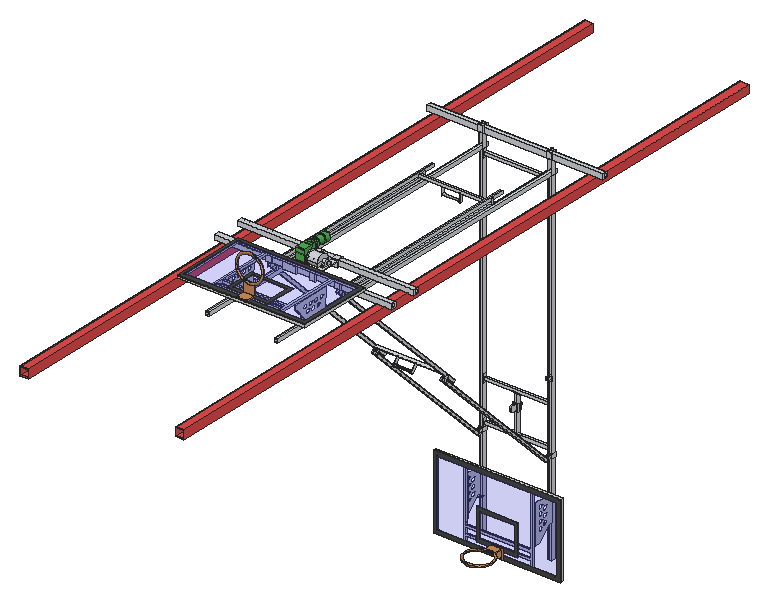
Revit family "Takbasket sammansatt", category Generic Models, Revit 2017
Family settings
  Can host rebar = No
  Round Connector Dimension = Use Diameter
  Part Type = Normal
  Work Plane-Based = No
  Always vertical = Yes
  Cut with Voids When Loaded = No
  Shared = No
  Room Calculation Point = No
Parameters
  length_beam = 10000 mm
  folded_b2 = B1 - C1 - 168 mm  # 698.935 mm
  folded_b1 = B1 - 330 mm  # 3422 mm
  URL = "www.saxi.se"
  Model = "Takbasket"
  Manufacturer = "Saxi Vägg AB"
  Height_vertical = Height - 4248 mm + 1180 mm  # 4932 mm
  Height = 8000 mm
  C2 = cos(45.00°) * B1 - 20 mm  # 2633.065 mm
  C1_vertical_start = B1 / 2 - 503 mm  # 1373 mm
  C1_horizontal_start = Height - cos(45.00°) * C1 - 47 mm  # 5912.951 mm
  C1 = cos(45.00°) * B1 + 232 mm  # 2885.065 mm
  Beam_offset = 3000 mm
  B1 = Height - 4248 mm  # 3752 mm
  Angle_C2 = 45.00°
Reference planes
  plane 1 "Center (Front/Back)": y = 0
  plane 2: z = 0
  plane 3 "Center (Left/Right)": x = 0
  plane 4 "Senior": z = 3050
  plane 5 "takbalk": z = 8000
Forms (mm)
  Extrusion 1, solid, not visible
    sketch origin (462, 326, 7806) x (0, 0, -1) y (1, 0, 0)
      loop
        line (2550.352, -3) -> (2630.352, -3) -> (2630.352, 53) -> (2550.352, 53) -> (2550.352, -3)
    from 0 to 3
  Extrusion 2, solid, not visible
    sketch origin (459.188, 323, 7806) x (0, 0, -1) y (1, 0, 0)
      loop
        line (2570.26, 10.286) -> (2605.26, 10.286) -> (2605.26, 45.286) -> (2570.26, 45.286) -> (2570.26, 10.286)
      loop
        line (2573.26, 13.286) -> (2602.26, 13.286) -> (2602.26, 42.286) -> (2573.26, 42.286) -> (2573.26, 13.286)
    from 0 to 40
Lines and regions (mm)
  reference lines
    curve 1: line (0, 294, 4225) -> (0, -510.284, 5029.284)
    curve 2: line (0, -3422, 7948) -> (0, -2205.776, 6731.776)
Dimensions and locks
  locked: plane 3 "Center (Left/Right)" to nested 4 at 1040
  locked: nested 5 to plane 3 "Center (Left/Right)" at 1040
  "Height": plane 5 "takbalk" to plane 2
  locked: nested 8 to nested 2 at 10
  locked: nested 6 to nested 4 at 90
  "B1": nested 8 to nested 6
  locked: nested 7 to nested 6 at 405
  locked: nested 3 to nested 9 at 7.5
  "C1_vertical_start": nested 9 to plane 1 "Center (Front/Back)"
  locked: curve 1 to plane 4 "Senior" at 1175
  locked: curve 1 to plane 1 "Center (Front/Back)" at 294
  "Beam_offset": nested 5 to plane 1 "Center (Front/Back)"
  locked: Extrusion 1 sketch curve to Extrusion 1 sketch curve at 56
  nested 18 to plane 4 "Senior" = 1240 mm
  nested 18 to nested 17 = 560 mm
  locked: plane 5 "takbalk" to nested 19 at 250
  locked: nested 21 to plane 5 "takbalk" at 70
  "folded_b1": plane 1 "Center (Front/Back)" to curve 2
  locked: plane 5 "takbalk" to curve 2 at 52
  "folded_b1": plane 1 "Center (Front/Back)" to nested 22
  locked: plane 5 "takbalk" to nested 23 at 92
  "folded_b2": plane 1 "Center (Front/Back)" to nested 23
  locked: plane 5 "takbalk" to nested 24 at 160
  locked: plane 5 "takbalk" to nested 25 at 160
  "Angle_C2": angle plane 4 "Senior" to curve 1
  locked: plane 5 "takbalk" to curve 2 (angle 45.00°)
  aligned and locked: level to plane 2
  aligned and locked: plane 1 "Center (Front/Back)" to nested 1
  aligned and locked: plane 4 "Senior" to nested 1
  aligned and locked: nested 2 to nested 1
  aligned and locked: nested 3 to nested 1  (x2)
  aligned and locked: nested 2 to nested 3
  aligned and locked: plane 5 "takbalk" to nested 5
  aligned and locked: plane 5 "takbalk" to nested 4
  aligned and locked: nested 8 to plane 5 "takbalk"
  aligned and locked: nested 7 to plane 5 "takbalk"
  aligned and locked: nested 6 to plane 5 "takbalk"
  aligned and locked: nested 7 to nested 6
  aligned and locked: nested 8 to nested 6
  aligned and locked: nested 10 to nested 9
  aligned and locked: nested 4 to nested 5
  aligned and locked: plane 5 "takbalk" to nested 16
  aligned and locked: plane 5 "takbalk" to nested 15
  aligned and locked: nested 14 to plane 5 "takbalk"
  aligned and locked: nested 13 to plane 5 "takbalk"
  aligned and locked: nested 14 to nested 6
  aligned and locked: nested 13 to nested 14
  aligned and locked: nested 21 to nested 6
  aligned and locked: nested 24 to nested 26
Automatic sketch dimensions
  Extrusion 1 sketch curve to Extrusion 1 sketch curve = 80 mm
  Extrusion 2 sketch curve to Extrusion 1 = 10.526 mm
  Extrusion 2 sketch curve to Extrusion 1 = 19.908 mm
  Extrusion 2 sketch curve to Extrusion 2 sketch curve = 3 mm  (x4)
  Extrusion 2 sketch curve to Extrusion 1 = 28.092 mm
  Extrusion 2 sketch curve to Extrusion 1 = 13.474 mm
Nested families
  nested 1: "takbasket_tavla_sammansatt" at (0, 13, 3213.034), type "takbasket_tavla_sammansatt"
  nested 2: "vertikalstag" at (-512, 326, 2900), type "vertikalstag"
    with hojd_verticalstag 4932 mm
  nested 3: "vertikalstag" at (462, 326, 2900), type "vertikalstag"
    with hojd_verticalstag 4932 mm
  nested 4: "takbalk" at (1040, 3000, 7880), type "takbalk"
    with beam_length 10000 mm
  nested 5: "takbalk" at (-1160, 3000, 7880), type "takbalk"
    with beam_length 10000 mm
  nested 6: "horisontalstag" at (-1250, -3366, 8000), type "horisontalstag"
  nested 7: "horisontalstag" at (-1250, -2961, 8000), type "horisontalstag"
  nested 8: "horisontalstag" at (-1250, 386, 8000), type "horisontalstag"
  nested 9: "vikdel1" at (469.5, -1373, 5912.951), built-in parameter 1001364 <- "C1_horizontal_start", type "vikdel1"
    with vikdel_length 2885.065 mm, vertical_ref 2060.049 mm, horizontal_ref 2087.049 mm
  nested 10: "vikdel2" at (-1004.169, -2139.763, 3847.117) x (0, -0.7071, 0.7071) z (1, 0, 0), type "vikdel2"
    with vikdel_length 2633.065 mm
  nested 11: "KLAMMA1" at (-515, 325, 4193.252), type "KLAMMA1"
  nested 12: "KLAMMA1" at (458.875, 325, 4193.252), type "KLAMMA1"
  nested 13: "KLAMMA2" at (450.75, -3363, 7997) x (0, -1, 0) z (0, 0, 1), type "KLAMMA2"
  nested 14: "KLAMMA2" at (-523.125, -3363, 7997) x (0, -1, 0) z (0, 0, 1), type "KLAMMA2"
  nested 15: "KLAMMA3" at (448.75, 389, 7997) x (0, -1, 0) z (0, 0, 1), type "KLAMMA3"
  nested 16: "KLAMMA3" at (-525, 389, 7997) x (0, -1, 0) z (0, 0, 1), type "KLAMMA3"
  nested 17: "KLAMMA4" at (-458, 370, 4850), type "KLAMMA4"
  nested 18: "KLAMMA4" at (-458, 370, 4290), type "KLAMMA4"
  nested 19: "KLAMMA4" at (-458, 370, 7710), type "KLAMMA4"
  nested 20: "KLAMMA5" at (18.939, 330, 4335) x (-1, 0, 0) z (0, 0, 1), type "KLAMMA5"
  nested 21: "motor" at (-285, -2961, 8000), type "motor"
  nested 22: "vikdel1_fold" at (470, 1523.113, 8000), type "vikdel1_fold"
    with vikdel_length 2885.065 mm, vertical_ref 2060.049 mm, horizontal_ref 2087.049 mm
  nested 23: "vikdel2" at (-1003.75, -1858.521, 9832.196) x (0, 1, 0) z (1, 0, 0), type "vikdel2"
    with vikdel_length 2633.065 mm
  nested 24: "vertikalstag" at (-509.361, 406.934, 7790) x (1, 0, 0) z (0, -1, 0), type "vertikalstag"
    with hojd_verticalstag 4932 mm
  nested 25: "vertikalstag" at (462.9, 406.934, 7790) x (1, 0, 0) z (0, -1, 0), type "vertikalstag"
    with hojd_verticalstag 4932 mm
  nested 26: "takbasket_tavla_sammansatt" at (-1.265, -4212.032, 8153.75) x (1, 0, 0) z (0, 1, 0), type "takbasket_tavla_sammansatt"
Definition of nested family "takbasket_tavla_sammansatt"
  Parameters (values of type "takbasket_tavla_sammansatt")
    Default Elevation = 1219.2 mm
  Reference planes
    plane 1 "Center (Front/Back)": y = 0
    plane 2: z = 0
    plane 3 "Center (Left/Right)": x = 0
  Dimensions and locks
    nested 5 to nested 4 = 195 mm
    nested 3 to nested 5 = 388 mm
    nested 5 to nested 4 = 388 mm
    aligned and locked: level to plane 2
  Nested families
    nested 1: "TavlaStor" at (0, 0, 0), type "TavlaStor"
    nested 2: "korg" at (0, -12, -163.034) x (-1, 0, 0) z (0, 0, 1), type "korg"
    nested 3: "bakstagV" at (512, 30, -982.054) x (-1, 0, 0) z (0, 0, 1), type "bakstagV"
    nested 4: "bakstagH" at (-507, 30, -982.054) x (-1, 0, 0) z (0, 0, 1), type "bakstagH"
    nested 5: "bakdeltavlastor" at (74.528, -268.796, 196.966) x (0, -1, 0) z (0, 0, 1), type "bakdeltavlastor"
  Definition of nested family "TavlaStor"
    Reference planes
      plane 1 "Center (Front/Back)": y = 0
      plane 2: z = 0
      plane 3 "Center (Left/Right)": x = 0
      plane 4 "Hoop": z = -163.034
    Forms (mm)
      Extrusion 1, solid
        sketch origin (0, 0, 0) x (1, 0, 0) y (0, 0, 1)
          loop
            line (-900, -313.034) -> (900, -313.034) -> (900, 736.966) -> (-900, 736.966) -> (-900, -313.034)
        from 0 to 12
      Extrusion 2, solid
        sketch origin (0, -12, 0) x (1, 0, 0) y (0, 0, 1)
          loop
            line (-900, 736.966) -> (-900, -313.034) -> (900, -313.034) -> (900, 736.966) -> (-900, 736.966)
          loop
            line (-850, 686.966) -> (-850, -263.034) -> (850, -263.034) -> (850, 686.966) -> (-850, 686.966)
          loop
            line (-295, -213.034) -> (295, -213.034) -> (295, 236.966) -> (-295, 236.966) -> (-295, -213.034)
          loop
            line (-245, 186.966) -> (-245, -163.034) -> (245, -163.034) -> (245, 186.966) -> (-245, 186.966)
        from 0 to 1
    Dimensions and locks
      locked: Extrusion 1 sketch curve to Extrusion 1 sketch curve at 1800
      locked: Extrusion 1 sketch curve to Extrusion 1 sketch curve at 1050
      plane 3 "Center (Left/Right)" to Extrusion 1 sketch curve = 900 mm
      locked: Extrusion 2 sketch curve to Extrusion 2 sketch curve at 450
      locked: Extrusion 2 sketch curve to Extrusion 2 sketch curve at 590
      locked: Extrusion 2 sketch curve to Extrusion 1 at 100
      Extrusion 1 to Extrusion 2 sketch curve = 605 mm  (x2)
      aligned and locked: level to plane 2
      aligned and locked: plane 4 "Hoop" to Extrusion 2
  Definition of nested family "korg"
    Reference planes
      plane 1 "Center (Front/Back)": y = 0
      plane 2: z = 0
      plane 3 "Center (Left/Right)": x = 0
    Forms (mm)
      Extrusion 1, solid
        sketch origin (0, 0, 0) x (0, 1, 0) y (0, 0, 1)
          loop
            line (0, -9.5) -> (0, -149.5) -> (5, -149.5) -> (5, -14.5) -> (150, -14.5) -> (150, -9.5) -> (0, -9.5)
        from -75 to 75
      Sweep 2, solid
        path origin (0, 0, 0) x (1, 0, 0) y (0, 1, 0)
          loop
            circle (0, 330.5) r 189.5
        profile origin (0, 520, 0) x (0, -1, 0) y (0, 0, 1)
          loop
            spline (12.655, -8.5) -> (12.229, -6.3) -> (10.98, -4.25) -> (8.994, -2.49) -> (6.405, -1.139) -> (3.39, -0.29) -> (0.155, 0) -> (-3.08, -0.29) -> (-6.095, -1.139) -> (-8.684, -2.49) -> (-10.67, -4.25) -> (-11.919, -6.3) -> (-12.345, -8.5)
            spline (-12.345, -8.5) -> (-11.919, -10.7) -> (-10.67, -12.75) -> (-8.684, -14.51) -> (-6.095, -15.861) -> (-3.08, -16.71) -> (0.155, -17) -> (3.39, -16.71) -> (6.405, -15.861) -> (8.994, -14.51) -> (10.98, -12.75) -> (12.229, -10.7) -> (12.655, -8.5)
      Extrusion 3, void
        sketch origin (0, 5, -25) x (0, 0, -1) y (-1, 0, 0)
          loop
            circle (109.5, 55) r 6
          loop
            circle (109.5, -55) r 6
        from -75 to 75
    Cuts and joins
      Extrusion 3 cuts Extrusion 1
      Extrusion 3 cuts Sweep 2
      joined: Extrusion 1, Sweep 2
    Dimensions and locks
      locked: level to Extrusion 1 sketch curve at 9.5
      Extrusion 1 to Sweep 2 sketch curve = 141 mm
      Sweep 2 sketch curve to profile plane = 0 mm
      cut or joined group of Extrusion 1, Sweep 2, Extrusion 3 to Extrusion 3 sketch curve = 20 mm  (x2)
      cut or joined group of Extrusion 1, Sweep 2, Extrusion 3 to Extrusion 3 sketch curve = 15 mm  (x2)
      aligned and locked: level to plane 2
  Definition of nested family "bakstagV"
    Reference planes
      plane 1 "Center (Front/Back)": y = 0
      plane 2: z = 0
      plane 3 "Center (Left/Right)": x = 0
    Forms (mm)
      Extrusion 1, solid
        sketch origin (0, 0, 0) x (0, 1, 0) y (0, 0, 1)
          loop
            line (0, 1524.02) -> (-50, 1524.02) -> (-233, 1500.573) -> (-283, 1500.573) -> (-283, 1147.573) -> (-233, 1147.573) -> (-50, 984.02) -> (0, 984.02) -> (0, 1524.02)
          loop
            circle (-82.284, 1440.669) r 36
          loop
            circle (-82.284, 1345.669) r 36
          loop
            circle (-82.284, 1250.669) r 36
          loop
            circle (-82.284, 1155.669) r 36
          loop
            circle (-162.849, 1390.327) r 36
          loop
            circle (-162.849, 1295.327) r 36
          loop
            circle (-162.849, 1200.327) r 36
        from 0 to 5
      Extrusion 2, solid
        sketch origin (0, 0, 0) x (0, -1, 0) y (0, 0, 1)
          loop
            line (283, 1500.573) -> (233, 1500.573) -> (233, 1495.573) -> (283, 1495.573) -> (283, 1500.573)
          loop
            line (283, 1147.573) -> (283, 1152.573) -> (233, 1152.573) -> (233, 1147.573) -> (283, 1147.573)
        from -55 to 0
      Extrusion 3, solid
        sketch origin (0, 0, 0) x (1, 0, 0) y (0, 0, 1)
          loop
            line (5, 1524.02) -> (5, 984.02) -> (55, 984.02) -> (55, 1524.02) -> (5, 1524.02)
        from 0 to 5
    Cuts and joins
      joined: Extrusion 1, Extrusion 2, Extrusion 3
    Dimensions and locks
      locked: Extrusion 1 sketch curve to Extrusion 1 sketch curve at 283
      locked: Extrusion 1 sketch curve to Extrusion 1 sketch curve at 540
      aligned and locked: level to plane 2
  Definition of nested family "bakstagH"
    Reference planes
      plane 1 "Center (Front/Back)": y = 0
      plane 2: z = 0
      plane 3 "Center (Left/Right)": x = 0
    Forms (mm)
      Extrusion 1, solid
        sketch origin (0, 0, 0) x (0, 1, 0) y (0, 0, 1)
          loop
            line (0, 1524.02) -> (-50, 1524.02) -> (-233, 1500.573) -> (-283, 1500.573) -> (-283, 1147.573) -> (-233, 1147.573) -> (-50, 984.02) -> (0, 984.02) -> (0, 1524.02)
          loop
            circle (-82.284, 1440.669) r 36
          loop
            circle (-82.284, 1345.669) r 36
          loop
            circle (-82.284, 1250.669) r 36
          loop
            circle (-82.284, 1155.669) r 36
          loop
            circle (-162.849, 1390.327) r 36
          loop
            circle (-162.849, 1295.327) r 36
          loop
            circle (-162.849, 1200.327) r 36
        from 0 to 5
      Extrusion 2, solid
        sketch origin (0, 0, 0) x (0, -1, 0) y (0, 0, 1)
          loop
            line (283, 1500.573) -> (233, 1500.573) -> (233, 1495.573) -> (283, 1495.573) -> (283, 1500.573)
          loop
            line (283, 1147.573) -> (283, 1152.573) -> (233, 1152.573) -> (233, 1147.573) -> (283, 1147.573)
        from 0 to 50
      Extrusion 3, solid
        sketch origin (0, 0, 0) x (1, 0, 0) y (0, 0, 1)
          loop
            line (0, 1524.02) -> (-50, 1524.02) -> (-50, 984.02) -> (0, 984.02) -> (0, 1524.02)
        from 0 to 5
    Cuts and joins
      joined: Extrusion 1, Extrusion 2, Extrusion 3
    Dimensions and locks
      locked: Extrusion 1 sketch curve to Extrusion 1 sketch curve at 283
      locked: Extrusion 1 sketch curve to Extrusion 1 sketch curve at 540
      aligned and locked: level to plane 2
  Definition of nested family "bakdeltavlastor"
    Reference planes
      plane 1 "Center (Front/Back)": y = 0
      plane 2: z = 0
      plane 3 "Center (Left/Right)": x = 0
      plane 4 "strut": x = 190.204
      plane 5 "strut2": x = -757.796
    Forms (mm)
      Extrusion 1, solid
        sketch origin (-298.796, 209.268, 89.528) x (0, 1, 0) y (0, 0, 1)
          loop
            line (-1183.796, -599.528) -> (616.204, -599.528) -> (616.204, 450.472) -> (-1183.796, 450.472) -> (-1183.796, -599.528)
          loop
            line (-1153.796, 420.472) -> (-1153.796, -569.528) -> (586.204, -569.528) -> (586.204, 420.472) -> (-1153.796, 420.472)
        from 0 to 30
      Extrusion 2, solid
        sketch origin (-298.796, 174.268, 89.528) x (0, 1, 0) y (0, 0, 1)
          loop
            line (-707.21, 420.472) -> (-737.21, 420.472) -> (-737.21, -569.528) -> (-707.21, -569.528) -> (-707.21, -504.528) -> (-707.21, -489.528) -> (211.204, -489.528) -> (211.204, -509.528) -> (211.204, -569.528) -> (241.204, -569.528) -> (241.204, 420.472) -> (211.204, 420.472) -> (211.204, -319.528) -> (211.204, -349.528) -> (-707.21, -349.528) -> (-707.21, -324.528) -> (-707.21, 420.472)
          loop
            line (-707.21, -379.528) -> (-707.21, -459.528) -> (211.204, -459.528) -> (211.204, -449.528) -> (211.204, -404.528) -> (211.204, -379.528) -> (-707.21, -379.528)
        from 0 to 30
    Dimensions and locks
      locked: plane 5 "strut2" to plane 4 "strut" at 948
      aligned and locked: level to plane 2
Definition of nested family "vertikalstag"
  Parameters (values of type "vertikalstag")
    hojd_verticalstag = 5932 mm
    Default Elevation = 1219.2 mm
  Reference planes
    plane 1 "Center (Front/Back)": y = 0
    plane 2: z = 0
    plane 3 "Center (Left/Right)": x = 0
  Forms (mm)
    Extrusion 1, solid
      sketch origin (0, 0, 0) x (1, 0, 0) y (0, 1, 0)
        loop
          line (0, 0) -> (50, 0) -> (50, 50) -> (0, 50) -> (0, 0)
        loop
          line (3, 47) -> (3, 3) -> (47, 3) -> (47, 47) -> (3, 47)
      from 0 to 5932 <- "hojd_verticalstag"
  Dimensions and locks
    aligned and locked: level to plane 2
Definition of nested family "takbalk"
  Parameters (values of type "takbalk")
    beam_length = 4000 mm
  Reference planes
    plane 1 "Center (Front/Back)": y = 0
    plane 2: z = 0
    plane 3 "Center (Left/Right)": x = 0
  Forms (mm)
    Extrusion 1, solid
      sketch origin (0, 0, 0) x (1, 0, 0) y (0, 0, 1)
        loop
          line (0, 0) -> (120, 0) -> (120, 120) -> (0, 120) -> (0, 0)
        loop
          line (4, 116) -> (4, 4) -> (116, 4) -> (116, 116) -> (4, 116)
      from 0 to 4000 <- "beam_length"
  Dimensions and locks
    aligned and locked: level to plane 2
Definition of nested family "horisontalstag"
  Reference planes
    plane 1 "Center (Front/Back)": y = 0
    plane 2: z = 0
    plane 3 "Center (Left/Right)": x = 0
  Forms (mm)
    Extrusion 1, solid
      sketch origin (0, 0, 0) x (0, 1, 0) y (0, 0, 1)
        loop
          line (0, 0) -> (0, 70) -> (-70, 70) -> (-70, 0) -> (0, 0)
        loop
          line (-3, 67) -> (-67, 67) -> (-67, 3) -> (-3, 3) -> (-3, 67)
      from 0 to 2500
  Dimensions and locks
    aligned and locked: level to plane 2
Definition of nested family "vikdel1"
  Parameters (values of type "vikdel1")
    vikdel_length = 3167.907 mm
    vertical_ref = cos(45.00°) * vikdel_length + 20 mm  # 2260.049 mm
    horizontal_ref = sin(45.00°) * vikdel_length + 47 mm  # 2287.049 mm
    Default Elevation = 1219.2 mm
  Reference planes
    plane 1 "Center (Front/Back)": y = 0
    plane 2: z = 0
    plane 3 "Center (Left/Right)": x = 0
    plane 4 "n": x = -344.5
    plane 5 "vertikal_ref": y = -2260.049
    plane 6 "horizontal_ref": z = 2287.049
  Forms (mm)
    Extrusion 1, solid
      sketch origin (0, -24.949, 1.588) x (1, 0, 0) y (0, 0.707107, 0.707107)
        loop
          line (0, 0) -> (35, 0) -> (35, 35) -> (0, 35) -> (0, 0)
        loop
          line (-974, 0) -> (-939, 0) -> (-939, 35) -> (-974, 35) -> (-974, 0)
        loop
          line (-972, 33) -> (-972, 2) -> (-941, 2) -> (-941, 33) -> (-972, 33)
        loop
          line (2, 33) -> (2, 2) -> (33, 2) -> (33, 33) -> (2, 33)
      from 0 to 3167.907 <- "vikdel_length"
    Extrusion 2, solid
      sketch origin (-939, -24.949, 1.588) x (0, 0.707107, 0.707107) y (0, -0.707107, 0.707107)
        loop
          line (0, 250) -> (35, 250) -> (35, 285) -> (0, 285) -> (0, 250)
      from 0 to 939
    Extrusion 3, solid
      sketch origin (-344.5, -24.949, 1.588) x (0, -0.707107, 0.707107) y (0, -0.707107, -0.707107)
        loop
          line (285, 0) -> (285, 115)
          arc (285, 115) -> (283.536, 118.536) -> (280, 120) r 5
          line (280, 120) -> (255, 120)
          arc (255, 120) -> (251.464, 118.536) -> (250, 115) r 5
          line (250, 115) -> (250, 0) -> (285, 0)
        loop
          circle (267.164, 102.821) r 7.5
        loop
          circle (267.164, 72.821) r 7.5
        loop
          circle (267.164, 42.821) r 7.5
        loop
          circle (267.164, 12.821) r 7.5
      from 0 to 5
    Extrusion 4, solid
      sketch origin (-594.5, -24.949, 1.588) x (0, -0.707107, 0.707107) y (0, 0.707107, 0.707107)
        loop
          line (285, 0) -> (250, 0) -> (250, -115)
          arc (250, -115) -> (251.464, -118.536) -> (255, -120) r 5
          line (255, -120) -> (280, -120)
          arc (280, -120) -> (283.536, -118.536) -> (285, -115) r 5
          line (285, -115) -> (285, 0)
        loop
          circle (267.164, -102.821) r 7.5
        loop
          circle (267.164, -72.821) r 7.5
        loop
          circle (267.164, -42.821) r 7.5
        loop
          circle (267.164, -12.821) r 7.5
      from 0 to 5
    Extrusion 5, solid
      sketch origin (-594.5, -24.949, 1.588) x (0, 0.707107, -0.707107) y (0, 0.707107, 0.707107)
        loop
          circle (-267.336, -103.183) r 11.823
      from 0 to 250
    Extrusion 6, solid
      sketch origin (35, -24.949, 1.588) x (0, 0.707107, 0.707107) y (0, -0.707107, 0.707107)
        loop
          line (21.543, 200) -> (-49.336, 200)
          arc (-49.336, 200) -> (-52.25, 198.793) -> (-53.457, 195.879) r 4.121
          line (-53.457, 195.879) -> (-53.457, 174.19)
          arc (-53.457, 174.19) -> (-52.23, 171.227) -> (-49.267, 170) r 4.19
          line (-49.267, 170) -> (21.543, 170) -> (21.543, 200)
        loop
          circle (-43.078, 184.513) r 4
      from 0 to 5
    Extrusion 7, solid
      sketch origin (0, -24.949, 1.588) x (0, 0.707107, 0.707107) y (0, 0.707107, -0.707107)
        loop
          line (21.543, -200) -> (21.543, -170) -> (-49.267, -170)
          arc (-49.267, -170) -> (-52.23, -171.227) -> (-53.457, -174.19) r 4.19
          line (-53.457, -174.19) -> (-53.457, -195.879)
          arc (-53.457, -195.879) -> (-52.25, -198.793) -> (-49.336, -200) r 4.121
          line (-49.336, -200) -> (21.543, -200)
        loop
          circle (-43.078, -184.513) r 4
      from 0 to 5
    Extrusion 8, solid
      sketch origin (-974, -24.949, 1.588) x (0, 0.707107, 0.707107) y (0, 0.707107, -0.707107)
        loop
          line (21.543, -200) -> (21.543, -170) -> (-49.267, -170)
          arc (-49.267, -170) -> (-52.23, -171.227) -> (-53.457, -174.19) r 4.19
          line (-53.457, -174.19) -> (-53.457, -195.879)
          arc (-53.457, -195.879) -> (-52.25, -198.793) -> (-49.336, -200) r 4.121
          line (-49.336, -200) -> (21.543, -200)
        loop
          circle (-43.078, -184.513) r 4
      from 0 to 5
    Extrusion 9, solid
      sketch origin (-939, -24.949, 1.588) x (0, 0.707107, 0.707107) y (0, -0.707107, 0.707107)
        loop
          line (21.543, 200) -> (-49.336, 200)
          arc (-49.336, 200) -> (-52.25, 198.793) -> (-53.457, 195.879) r 4.121
          line (-53.457, 195.879) -> (-53.457, 174.19)
          arc (-53.457, 174.19) -> (-52.23, 171.227) -> (-49.267, 170) r 4.19
          line (-49.267, 170) -> (21.543, 170) -> (21.543, 200)
        loop
          circle (-43.078, 184.513) r 4
      from 0 to 5
    Extrusion 10, void
      sketch origin (35, -24.949, 1.588) x (0, -0.707107, -0.707107) y (0, -0.707107, 0.707107)
        loop
          circle (-19.036, 3137.907) r 6
      from 0 to 1500
  Cuts and joins
    Extrusion 10 cuts Extrusion 1
  Lines and regions (mm)
    reference lines
      curve 1: line (-469.5, 0, 1149.587) -> (-469.5, 0, -610.413)
      curve 2: line (16.5, 0, -30.235) -> (16.5, 0, 259.765)
  Dimensions and locks
    Extrusion 1 sketch curve to Extrusion 1 sketch curve = 974 mm
    locked: Extrusion 1 to Extrusion 2 sketch curve at 250
    plane 3 "Center (Left/Right)" to curve 1 = 469.5 mm
    locked: Extrusion 1 to Extrusion 6 sketch curve at 170
    locked: Extrusion 1 to Extrusion 10 sketch curve at 24
    "vertical_ref": plane 5 "vertikal_ref" to plane 1 "Center (Front/Back)"
    "horizontal_ref": plane 6 "horizontal_ref" to plane 2
    aligned and locked: level to plane 2
  Automatic sketch dimensions
    Extrusion 1 sketch curve to plane 3 "Center (Left/Right)" = 0 mm
    Extrusion 1 sketch curve to Extrusion 1 sketch curve = 2 mm  (x7)
    Extrusion 1 sketch curve to Extrusion 1 sketch curve = 31 mm  (x4)
    plane 3 "Center (Left/Right)" to Extrusion 1 sketch curve = 2 mm
    Extrusion 1 sketch curve to Extrusion 1 sketch curve = 0 mm
    Extrusion 1 to Extrusion 2 sketch curve = 0 mm
    Extrusion 2 sketch curve to Extrusion 1 = 0 mm
    Extrusion 2 sketch curve to Extrusion 2 sketch curve = 35 mm
    curve 1 to level = 610.413 mm
    plane 3 "Center (Left/Right)" to curve 2 = 16.5 mm
    curve 2 to level = 30.235 mm
    level to curve 2 = 259.765 mm
    curve 2 to curve 1 = 889.822 mm
    level to Extrusion 3 sketch curve = 178.364 mm
    plane 1 "Center (Front/Back)" to Extrusion 3 sketch curve = 201.725 mm
    Extrusion 3 sketch curve to Extrusion 3 sketch curve = 5 mm
    Extrusion 3 sketch curve to Extrusion 3 sketch curve = 17.164 mm
    Extrusion 3 sketch curve to Extrusion 3 sketch curve = 12.164 mm
    Extrusion 3 sketch curve to Extrusion 3 sketch curve = 0 mm  (x2)
    Extrusion 3 sketch curve to Extrusion 3 sketch curve = 12.836 mm
    Extrusion 3 sketch curve to Extrusion 3 sketch curve = 17.836 mm
    Extrusion 3 sketch curve to Extrusion 3 sketch curve = 12.821 mm
    Extrusion 3 sketch curve to Extrusion 3 sketch curve = 30 mm  (x3)
    Extrusion 3 sketch curve to Extrusion 3 sketch curve = 12.179 mm
    level to Extrusion 4 sketch curve = 178.364 mm
    plane 1 "Center (Front/Back)" to Extrusion 4 sketch curve = 201.725 mm
    Extrusion 4 sketch curve to Extrusion 4 sketch curve = 5 mm
    Extrusion 4 sketch curve to Extrusion 4 sketch curve = 17.164 mm
    Extrusion 4 sketch curve to Extrusion 4 sketch curve = 12.164 mm
    Extrusion 4 sketch curve to Extrusion 4 sketch curve = 0 mm  (x2)
    Extrusion 4 sketch curve to Extrusion 4 sketch curve = 12.836 mm
    Extrusion 4 sketch curve to Extrusion 4 sketch curve = 17.836 mm
    Extrusion 4 sketch curve to Extrusion 4 sketch curve = 12.821 mm
    Extrusion 4 sketch curve to Extrusion 4 sketch curve = 30 mm  (x3)
    Extrusion 4 sketch curve to Extrusion 4 sketch curve = 12.179 mm
    Extrusion 5 sketch curve to Extrusion 4 = 17.336 mm
    Extrusion 5 sketch curve to Extrusion 4 = 16.817 mm
    Extrusion 1 to Extrusion 6 sketch curve = 53.457 mm
    Extrusion 6 sketch curve to Extrusion 6 sketch curve = 4.121 mm
    Extrusion 6 sketch curve to Extrusion 6 sketch curve = 4.19 mm
    Extrusion 6 sketch curve to Extrusion 6 sketch curve = 6.188 mm
    Extrusion 6 sketch curve to Extrusion 1 = 13.457 mm
    Extrusion 6 sketch curve to Extrusion 6 sketch curve = 10.322 mm
    Extrusion 6 sketch curve to Extrusion 6 sketch curve = 11.366 mm
    level to Extrusion 7 sketch curve = 86.959 mm
    plane 1 "Center (Front/Back)" to Extrusion 7 sketch curve = 185.92 mm
    Extrusion 7 sketch curve to Extrusion 7 sketch curve = 4.121 mm
    Extrusion 7 sketch curve to Extrusion 7 sketch curve = 4.19 mm
    Extrusion 7 sketch curve to Extrusion 7 sketch curve = 6.188 mm
    Extrusion 7 sketch curve to Extrusion 7 sketch curve = 64.621 mm
    Extrusion 7 sketch curve to Extrusion 7 sketch curve = 10.322 mm
    Extrusion 7 sketch curve to Extrusion 7 sketch curve = 11.366 mm
    level to Extrusion 8 sketch curve = 86.959 mm
    plane 1 "Center (Front/Back)" to Extrusion 8 sketch curve = 185.92 mm
    Extrusion 8 sketch curve to Extrusion 8 sketch curve = 4.121 mm
    Extrusion 8 sketch curve to Extrusion 8 sketch curve = 4.19 mm
    Extrusion 8 sketch curve to Extrusion 8 sketch curve = 6.188 mm
    Extrusion 8 sketch curve to Extrusion 8 sketch curve = 64.621 mm
    Extrusion 8 sketch curve to Extrusion 8 sketch curve = 10.322 mm
    Extrusion 8 sketch curve to Extrusion 8 sketch curve = 11.366 mm
    level to Extrusion 9 sketch curve = 86.959 mm
    plane 1 "Center (Front/Back)" to Extrusion 9 sketch curve = 185.92 mm
    Extrusion 9 sketch curve to Extrusion 9 sketch curve = 4.121 mm
    Extrusion 9 sketch curve to Extrusion 9 sketch curve = 4.19 mm
    Extrusion 9 sketch curve to Extrusion 9 sketch curve = 6.188 mm
    Extrusion 9 sketch curve to Extrusion 9 sketch curve = 64.621 mm
    Extrusion 9 sketch curve to Extrusion 9 sketch curve = 10.322 mm
    Extrusion 9 sketch curve to Extrusion 9 sketch curve = 11.366 mm
    Extrusion 1 to Extrusion 10 sketch curve = 15.964 mm
    Extrusion 10 sketch curve to Extrusion 1 = 30 mm
    radius of Extrusion 3 sketch curve = 7.5 mm  (x4)
    radius of Extrusion 4 sketch curve = 7.5 mm  (x4)
    radius of Extrusion 5 sketch curve = 11.823 mm
    radius of Extrusion 6 sketch curve = 4 mm
    radius of Extrusion 7 sketch curve = 4 mm
    radius of Extrusion 8 sketch curve = 4 mm
    radius of Extrusion 9 sketch curve = 4 mm
Definition of nested family "vikdel2"
  Parameters (values of type "vikdel2")
    vikdel_length = 2007.958 mm
    Default Elevation = 1219.2 mm
  Reference planes
    plane 1 "Center (Front/Back)": y = 0
    plane 2: z = 0
    plane 3 "Center (Left/Right)": x = 0
  Forms (mm)
    Extrusion 1, solid
      sketch origin (-1473.479, -1924.196, 1473.669) x (0, 0, 1) y (0, -1, 0)
        loop
          line (0, 0) -> (35, 0) -> (35, 35) -> (0, 35) -> (0, 0)
        loop
          line (-974, 0) -> (-939, 0) -> (-939, 35) -> (-974, 35) -> (-974, 0)
        loop
          line (-972, 33) -> (-972, 2) -> (-941, 2) -> (-941, 33) -> (-972, 33)
        loop
          line (2, 33) -> (2, 2) -> (33, 2) -> (33, 33) -> (2, 33)
      from 0 to 2007.958 <- "vikdel_length"
    Extrusion 2, solid
      sketch origin (-1473.479, -1924.196, 1508.669) x (0, -1, 0) y (1, 0, 0)
        loop
          line (6.01, 0) -> (73.345, 0)
          arc (73.345, 0) -> (78.765, 2.245) -> (81.01, 7.665) r 7.665
          line (81.01, 7.665) -> (81.01, 21.79)
          arc (81.01, 21.79) -> (78.606, 27.595) -> (72.8, 30) r 8.21
          line (72.8, 30) -> (6.01, 30) -> (6.01, 0)
        loop
          circle (67.873, 15.223) r 6
      from 0 to 5
    Extrusion 3, solid
      sketch origin (-1473.479, -1924.196, 1473.669) x (-1, 0, 0) y (0, 1, 0)
        loop
          line (0, -6.01) -> (-30, -6.01) -> (-30, -72.8)
          arc (-30, -72.8) -> (-27.595, -78.606) -> (-21.79, -81.01) r 8.21
          line (-21.79, -81.01) -> (-7.665, -81.01)
          arc (-7.665, -81.01) -> (-2.245, -78.765) -> (0, -73.345) r 7.665
          line (0, -73.345) -> (0, -6.01)
        loop
          circle (-15.223, -67.873) r 6
      from 0 to 5
    Extrusion 4, solid
      sketch origin (-1473.479, -1924.196, 499.669) x (-1, 0, 0) y (0, 1, 0)
        loop
          line (0, -6.01) -> (-30, -6.01) -> (-30, -72.8)
          arc (-30, -72.8) -> (-27.595, -78.606) -> (-21.79, -81.01) r 8.21
          line (-21.79, -81.01) -> (-7.665, -81.01)
          arc (-7.665, -81.01) -> (-2.245, -78.765) -> (0, -73.345) r 7.665
          line (0, -73.345) -> (0, -6.01)
        loop
          circle (-15.223, -67.873) r 6
      from 0 to 5
    Extrusion 5, solid
      sketch origin (-1473.479, -1924.196, 534.669) x (0, -1, 0) y (1, 0, 0)
        loop
          line (6.01, 0) -> (73.345, 0)
          arc (73.345, 0) -> (78.765, 2.245) -> (81.01, 7.665) r 7.665
          line (81.01, 7.665) -> (81.01, 21.79)
          arc (81.01, 21.79) -> (78.606, 27.595) -> (72.8, 30) r 8.21
          line (72.8, 30) -> (6.01, 30) -> (6.01, 0)
        loop
          circle (67.873, 15.223) r 6
      from 0 to 5
  Lines and regions (mm)
    reference lines
      curve 1: line (17.5, 0, 476.622) -> (17.5, 0, 568.766)
      curve 2: line (-469.5, 0, 1053.742) -> (-469.5, 0, 73.742)
  Dimensions and locks
    Extrusion 1 sketch curve to Extrusion 1 sketch curve = 974 mm
    aligned and locked: level to plane 2
Definition of nested family "KLAMMA1"
  Reference planes
    plane 1 "Center (Front/Back)": y = 0
    plane 2: z = 0
    plane 3 "Center (Left/Right)": x = 0
  Forms (mm)
    Extrusion 1, solid
      sketch origin (0, 0, 0) x (1, 0, 0) y (0, 0, 1)
        loop
          line (0, 0) -> (56, 0) -> (56, 56) -> (0, 56) -> (0, 0)
      from 0 to 3
    Extrusion 2, solid
      sketch origin (0, 0, 0) x (1, 0, 0) y (0, 0, 1)
        loop
          line (10.5, 44.697) -> (10.5, 9.697) -> (45.5, 9.697) -> (45.5, 44.697) -> (10.5, 44.697)
        loop
          line (13.503, 41.697) -> (13.503, 12.697) -> (42.5, 12.697) -> (42.5, 41.697) -> (13.503, 41.697)
      from 1 to 45
    Extrusion 3, solid
      sketch origin (0, 0, 0) x (-1, 0, 0) y (0, 0, 1)
        loop
          line (-56, 56) -> (-56, 0) -> (-53.2, 0) -> (-53.2, 56) -> (-56, 56)
        loop
          line (0, 56) -> (-2.8, 56) -> (-2.8, 0) -> (0, 0) -> (0, 56)
      from 0 to 70
  Cuts and joins
    joined: Extrusion 1, Extrusion 2, Extrusion 3
  Dimensions and locks
    locked: Extrusion 2 sketch curve to Extrusion 2 sketch curve at 35
    Extrusion 1 to Extrusion 2 sketch curve = 10.5 mm
    Extrusion 2 sketch curve to Extrusion 1 = 10.5 mm
    aligned and locked: level to plane 2
Definition of nested family "KLAMMA2"
  Reference planes
    plane 1 "Center (Front/Back)": y = 0
    plane 2: z = 0
    plane 3 "Center (Left/Right)": x = 0
  Forms (mm)
    Extrusion 1, solid
      sketch origin (0, 0, 0) x (1, 0, 0) y (0, 1, 0)
        loop
          line (0, 0) -> (76, 0) -> (76, 76) -> (0, 76) -> (0, 0)
      from 0 to 3
    Extrusion 2, solid
      sketch origin (0, 0, 0) x (1, 0, 0) y (0, 1, 0)
        loop
          line (76, 76) -> (73, 76) -> (73, 0) -> (76, 0) -> (76, 76)
        loop
          line (0, 76) -> (0, 0) -> (3, 0) -> (3, 76) -> (0, 76)
      from 0 to 90
    Extrusion 3, solid
      sketch origin (-5.625, 5.625, 0) x (0, 1, 0) y (1, 0, 0)
        loop
          line (49.361, 19.617) -> (52.361, 19.617) -> (52.361, 69.617) -> (49.361, 69.617) -> (49.361, 19.617)
        loop
          line (12.361, 19.617) -> (12.361, 69.617) -> (9.361, 69.617) -> (9.361, 19.617) -> (12.361, 19.617)
      from 0 to 75
  Cuts and joins
    joined: Extrusion 1, Extrusion 2
  Dimensions and locks
    locked: Extrusion 3 sketch curve to Extrusion 3 sketch curve at 50
    Extrusion 3 sketch curve to Extrusion 3 sketch curve = 37 mm
    aligned and locked: level to plane 2
Definition of nested family "KLAMMA3"
  Reference planes
    plane 1 "Center (Front/Back)": y = 0
    plane 2: z = 0
    plane 3 "Center (Left/Right)": x = 0
  Forms (mm)
    Extrusion 1, solid
      sketch origin (0, 0, 0) x (1, 0, 0) y (0, 1, 0)
        loop
          line (0, 0) -> (76, 0) -> (76, 76) -> (0, 76) -> (0, 0)
      from 0 to 3
    Extrusion 2, solid
      sketch origin (0, 0, 0) x (1, 0, 0) y (0, 1, 0)
        loop
          line (76, 76) -> (73, 76) -> (73, 0) -> (76, 0) -> (76, 76)
        loop
          line (0, 76) -> (0, 0) -> (3, 0) -> (3, 76) -> (0, 76)
      from 0 to 90
    Extrusion 3, solid
      sketch origin (-5.625, 14.375, 0) x (0, 1, 0) y (1, 0, 0)
        loop
          line (49.361, 19.617) -> (52.361, 19.617) -> (52.361, 69.617) -> (49.361, 69.617) -> (49.361, 19.617)
        loop
          line (-0.639, 19.617) -> (-0.639, 69.617) -> (-3.63, 69.617) -> (-3.63, 19.617) -> (-0.639, 19.617)
      from 0 to 209
  Cuts and joins
    joined: Extrusion 1, Extrusion 2
  Dimensions and locks
    locked: Extrusion 3 sketch curve to Extrusion 3 sketch curve at 50
    Extrusion 3 sketch curve to Extrusion 3 sketch curve = 50 mm
    aligned and locked: level to plane 2
Definition of nested family "KLAMMA4"
  Reference planes
    plane 1 "Center (Front/Back)": y = 0
    plane 2: z = 0
    plane 3 "Center (Left/Right)": x = 0
  Forms (mm)
    Extrusion 1, solid
      sketch origin (0, 0, 0) x (1, 0, 0) y (0, 0, 1)
        loop
          line (0, 0) -> (916, 0) -> (916, 40) -> (0, 40) -> (0, 0)
      from 0 to 40
    Extrusion 2, solid
      sketch origin (916, 0, 0) x (0, 0, 1) y (0, -1, 0)
        loop
          line (76.023, 40) -> (-33.977, 40) -> (-33.977, 0) -> (76.023, 0) -> (76.023, 40)
      from 0 to 4
    Extrusion 3, solid
      sketch origin (0, 0, 0) x (0, 0, 1) y (0, 1, 0)
        loop
          line (76.023, -40) -> (76.023, 0) -> (-33.977, 0) -> (-33.977, -40) -> (76.023, -40)
      from 0 to 4
  Lines and regions (mm)
    reference lines
      curve 1: line (458, 0, 40) -> (458, 0, 305)
  Dimensions and locks
    aligned and locked: level to plane 2
Definition of nested family "KLAMMA5"
  Reference planes
    plane 1 "Center (Front/Back)": y = 0
    plane 2: z = 0
    plane 3 "Center (Left/Right)": x = 0
  Forms (mm)
    Extrusion 1, solid
      sketch origin (0, 0, 0) x (1, 0, 0) y (0, 0, 1)
        loop
          line (0, 0) -> (40, 0) -> (40, 512) -> (0, 512) -> (0, 0)
      from 0 to 40
    Extrusion 2, solid
      sketch origin (100, 0, 512) x (-1, 0, 0) y (0, -1, 0)
        loop
          line (136.686, 40) -> (18.727, 40) -> (18.727, 0) -> (136.686, 0) -> (136.686, 40)
      from 0 to 4
    Extrusion 3, solid
      sketch origin (100, 0, 0) x (0, 1, 0) y (1, 0, 0)
        loop
          line (-40, -136.686) -> (0, -136.686) -> (0, -18.727) -> (-40, -18.727) -> (-40, -136.686)
      from 0 to 4
    Extrusion 4, solid
      sketch origin (40, 0, 0) x (0, 0, 1) y (0, -1, 0)
        loop
          line (389, 40) -> (389, 44) -> (289, 44) -> (289, 40) -> (389, 40)
        loop
          line (389, 0) -> (289, 0) -> (289, -4) -> (389, -4) -> (389, 0)
      from -59 to 19
    Extrusion 5, solid
      sketch origin (0, 0, 0.268) x (0, 1, 0) y (0, 0, 1)
        loop
          line (4, 375.732) -> (4, 300.732) -> (59, 300.732)
          arc (59, 300.732) -> (83.749, 310.983) -> (94, 335.732) r 35
          line (94, 335.732) -> (94, 340.732)
          arc (94, 340.732) -> (83.749, 365.481) -> (59, 375.732) r 35
          line (59, 375.732) -> (4, 375.732)
        loop
          line (-44, 354.476) -> (-79, 354.476)
          arc (-79, 354.476) -> (-89.607, 350.083) -> (-94, 339.476) r 15
          arc (-94, 339.476) -> (-89.607, 328.87) -> (-79, 324.476) r 15
          line (-79, 324.476) -> (-44, 324.476) -> (-44, 354.476)
      from 6 to 10
    Extrusion 6, solid
      sketch origin (40, 0, 0.268) x (0, 1, 0) y (0, 0, -1)
        loop
          line (4, -375.732) -> (59, -375.732)
          arc (59, -375.732) -> (83.749, -365.481) -> (94, -340.732) r 35
          line (94, -340.732) -> (94, -335.732)
          arc (94, -335.732) -> (83.749, -310.983) -> (59, -300.732) r 35
          line (59, -300.732) -> (4, -300.732) -> (4, -375.732)
        loop
          line (-44, -354.476) -> (-44, -324.476) -> (-79, -324.476)
          arc (-79, -324.476) -> (-89.607, -328.87) -> (-94, -339.476) r 15
          arc (-94, -339.476) -> (-89.607, -350.083) -> (-79, -354.476) r 15
          line (-79, -354.476) -> (-44, -354.476)
      from 6 to 10
    Extrusion 7, void
      sketch origin (6, 0, 0.268) x (0, 1, 0) y (0, 0, 1)
        loop
          circle (64.117, 338.681) r 6.5
        loop
          circle (-79.172, 339.357) r 5.5
      from 0 to 100
  Cuts and joins
    Extrusion 7 cuts Extrusion 5
    Extrusion 7 cuts Extrusion 6
  Lines and regions (mm)
    reference lines
      curve 1: line (40, 0, 256) -> (350, 0, 256)
      curve 2: line (20, 0, 389) -> (20, 0, 439)
  Dimensions and locks
    Extrusion 2 to Extrusion 4 sketch curve = 127 mm
    aligned and locked: level to plane 2
Definition of nested family "motor"
  Reference planes
    plane 1 "Center (Front/Back)": y = 0
    plane 2: z = 0
    plane 3 "Center (Left/Right)": x = 0
    plane 4 "shaft": z = 92
    plane 5 "bearing": x = 400.819
    plane 6 "motor": x = 94.866
  Forms (mm)
    Extrusion 1, solid
      sketch origin (0, 0, 0) x (0, 1, 0) y (0, 0, 1)
        loop
          line (0, -25) -> (4, -25) -> (4, 74) -> (-74, 74) -> (-74, 31) -> (-401, 31) -> (-401, 74) -> (-479, 74) -> (-479, -25) -> (-475, -25) -> (-475, 70) -> (-405, 70) -> (-405, -25) -> (-401, -25) -> (-401, 27) -> (-74, 27) -> (-74, -25) -> (-70, -25) -> (-70, 70) -> (0, 70) -> (0, -25)
      from 0 to 187
    Extrusion 2, solid
      sketch origin (149.538, -227.198, 189.62) x (0, 0, 1) y (0, -1, 0)
        loop
          circle (-97.775, -0.034) r 15
      from -150 to 300
    Revolve 3, solid
      sketch origin (0, 0, 92) x (-1, 0, 0) y (0, -1, 0)
        loop
          line (-196.538, 228.033) -> (-365.538, 228.033) -> (-365.538, 138.033) -> (-357.538, 138.033) -> (-357.538, 148.033) -> (-204.538, 148.033) -> (-204.538, 138.033) -> (-196.538, 138.033) -> (-196.538, 228.033)
        axis (-365.538, 228.033) -> (-196.538, 228.033)
      angle from 0 to 360
    Extrusion 4, solid
      sketch origin (400.819, 0, 0) x (0, 1, 0) y (0, 0, 1)
        loop
          circle (-228.075, 92.186) r 15
        loop
          line (-291.77, 55) -> (-164.379, 55) -> (-164.379, 70) -> (-188.795, 70) -> (-200.512, 104.031)
          arc (-200.512, 104.031) -> (-228.075, 122.186) -> (-255.637, 104.031) r 30
          line (-255.637, 104.031) -> (-267.355, 70) -> (-291.77, 70) -> (-291.77, 55)
      from -20 to 20
    Extrusion 5, solid
      sketch origin (400.819, 0, 0) x (0, 1, 0) y (0, 0, 1)
        loop
          line (-479, 74) -> (-479, -25) -> (-475, -25) -> (-475, 70) -> (-405, 70) -> (-405, -25) -> (-401, -25) -> (-401, 51) -> (-74, 51) -> (-74, -25) -> (-70, -25) -> (-70, 70) -> (0, 70) -> (0, -25) -> (4, -25) -> (4, 74) -> (-74, 74) -> (-74, 55) -> (-401, 55) -> (-401, 74) -> (-479, 74)
      from -25 to 55
    Extrusion 6, solid
      sketch origin (94.866, -457.197, 0) x (0, -1, 0) y (0, 0, -1)
        loop
          circle (-228.598, -92) r 15
        loop
          line (-165.598, -31) -> (-301.598, -31) -> (-301.598, -191) -> (-173.865, -191)
          arc (-173.865, -191) -> (-168.02, -188.579) -> (-165.598, -182.734) r 8.266
          line (-165.598, -182.734) -> (-165.598, -31)
      from -60 to 60
    Extrusion 7, solid
      sketch origin (94.866, -155.598, 31) x (0, 0, 1) y (1, 0, 0)
        loop
          line (85.366, -60) -> (161.366, -60) -> (161.366, 60) -> (85.366, 60) -> (85.366, -60)
      from 0 to 48
    Revolve 8, solid
      sketch origin (94.866, -457.197, 0) x (0, -1, 0) y (0, 0, 1)
        loop
          line (-349.598, 154.366) -> (-349.598, 217.366) -> (-364.598, 217.366) -> (-364.598, 207.366) -> (-407.472, 207.366) -> (-407.472, 217.366) -> (-417.472, 217.366) -> (-436.266, 210.526) -> (-531.266, 210.526) -> (-531.266, 217.465)
          arc (-531.266, 217.465) -> (-532.163, 219.629) -> (-534.327, 220.526) r 3.061
          line (-534.327, 220.526) -> (-608.757, 220.526)
          arc (-608.757, 220.526) -> (-610.639, 219.815) -> (-611.58, 218.037) r 2.846
          line (-611.58, 218.037) -> (-617.68, 169.701) -> (-619.915, 167.466) -> (-619.915, 154.366) -> (-349.598, 154.366)
        axis (-349.598, 154.366) -> (-619.915, 154.366)
      angle from 0 to 360
  Lines and regions (mm)
    reference lines
      curve 1: line (94.866, -228.598, 92) -> (94.866, -228.598, 297)
  Dimensions and locks
    locked: Extrusion 1 sketch curve to level at 70
    Extrusion 1 sketch curve to level = 27 mm
    Extrusion 1 to plane 4 "shaft" = 61 mm
    Extrusion 1 to Extrusion 4 sketch curve = 24 mm
    locked: Extrusion 6 sketch curve to Extrusion 6 sketch curve at 136
    Extrusion 6 sketch curve to Extrusion 6 sketch curve = 63 mm
    aligned and locked: level to plane 2
Definition of nested family "vikdel1_fold"
  Parameters (values of type "vikdel1_fold")
    vikdel_length = 4461.913 mm
    vertical_ref = cos(45.00°) * vikdel_length + 20 mm  # 3175.049 mm
    horizontal_ref = sin(45.00°) * vikdel_length + 47 mm  # 3202.049 mm
    Default Elevation = 1219.2 mm
  Reference planes
    plane 1 "Center (Front/Back)": y = 0
    plane 2: z = 0
    plane 3 "Center (Left/Right)": x = 0
    plane 4 "n": x = -344.5
    plane 5 "vertikal_ref": y = -3175.049
    plane 6 "horizontal_ref": z = 3202.049
  Forms (mm)
    Extrusion 1, solid
      sketch origin (0, -3175.049, -840) x (0, 0, 1) y (-1, 0, 0)
        loop
          line (773.548, 0) -> (773.548, -35) -> (808.548, -35) -> (808.548, 0) -> (773.548, 0)
        loop
          line (773.548, 974) -> (773.548, 939) -> (808.548, 939) -> (808.548, 974) -> (773.548, 974)
        loop
          line (806.548, 972) -> (775.548, 972) -> (775.548, 941) -> (806.548, 941) -> (806.548, 972)
        loop
          line (806.548, -2) -> (775.548, -2) -> (775.548, -33) -> (806.548, -33) -> (806.548, -2)
      from 0 to 4461.913 <- "vikdel_length"
    Extrusion 2, solid
      sketch origin (-939, -3175.049, -66.452) x (0, 0, 1) y (0, -1, 0)
        loop
          line (0, 250) -> (35, 250) -> (35, 285) -> (0, 285) -> (0, 250)
      from 0 to 939
    Extrusion 3, solid
      sketch origin (35, -3675.03, -566.452) x (0, 0, 1) y (0, -1, 0)
        loop
          line (500, -214.981) -> (385, -214.981)
          arc (385, -214.981) -> (381.464, -216.446) -> (380, -219.981) r 5
          line (380, -219.981) -> (380, -244.981)
          arc (380, -244.981) -> (381.464, -248.517) -> (385, -249.981) r 5
          line (385, -249.981) -> (500, -249.981) -> (500, -214.981)
        loop
          circle (397.179, -232.817) r 7.5
        loop
          circle (427.179, -232.817) r 7.5
        loop
          circle (457.179, -232.817) r 7.5
        loop
          circle (487.179, -232.817) r 7.5
      from -375 to -370
    Extrusion 4, solid
      sketch origin (35, -3175.049, -66.452) x (0, 0, 1) y (0, -1, 0)
        loop
          line (21.543, 200) -> (-49.336, 200)
          arc (-49.336, 200) -> (-52.25, 198.793) -> (-53.457, 195.879) r 4.121
          line (-53.457, 195.879) -> (-53.457, 174.19)
          arc (-53.457, 174.19) -> (-52.23, 171.227) -> (-49.267, 170) r 4.19
          line (-49.267, 170) -> (21.543, 170) -> (21.543, 200)
        loop
          circle (-43.078, 184.513) r 4
      from 0 to 5
    Extrusion 5, void
      sketch origin (35, -3175.049, -66.452) x (0, 0, -1) y (0, -1, 0)
        loop
          circle (-19.036, 4431.913) r 6
      from 0 to 1500
    Extrusion 6, solid
      sketch origin (-974, -3260.03, -566.452) x (0, 0, 1) y (0, 1, 0)
        loop
          line (500, -200.019) -> (500, -165.019) -> (385, -165.019)
          arc (385, -165.019) -> (381.464, -166.483) -> (380, -170.019) r 5
          line (380, -170.019) -> (380, -195.019)
          arc (380, -195.019) -> (381.464, -198.554) -> (385, -200.019) r 5
          line (385, -200.019) -> (500, -200.019)
        loop
          circle (397.179, -182.183) r 7.5
        loop
          circle (427.179, -182.183) r 7.5
        loop
          circle (457.179, -182.183) r 7.5
        loop
          circle (487.179, -182.183) r 7.5
      from -375 to -370
    Extrusion 7, solid
      sketch origin (-0.125, -2760.049, -66.452) x (0, 0, 1) y (0, 1, 0)
        loop
          line (21.543, -615) -> (21.543, -585) -> (-49.267, -585)
          arc (-49.267, -585) -> (-52.23, -586.227) -> (-53.457, -589.19) r 4.19
          line (-53.457, -589.19) -> (-53.457, -610.879)
          arc (-53.457, -610.879) -> (-52.25, -613.793) -> (-49.336, -615) r 4.121
          line (-49.336, -615) -> (21.543, -615)
        loop
          circle (-43.078, -599.513) r 4
      from 0 to 5
    Extrusion 8, solid
      sketch origin (-974, -2760.049, -66.452) x (0, 0, 1) y (0, 1, 0)
        loop
          line (21.543, -615) -> (21.543, -585) -> (-49.267, -585)
          arc (-49.267, -585) -> (-52.23, -586.227) -> (-53.457, -589.19) r 4.19
          line (-53.457, -589.19) -> (-53.457, -610.879)
          arc (-53.457, -610.879) -> (-52.25, -613.793) -> (-49.336, -615) r 4.121
          line (-49.336, -615) -> (21.543, -615)
        loop
          circle (-43.078, -599.513) r 4
      from 0 to 5
    Extrusion 9, solid
      sketch origin (-938.875, -2760.049, -66.452) x (0, 0, 1) y (0, -1, 0)
        loop
          line (21.543, 615) -> (-49.336, 615)
          arc (-49.336, 615) -> (-52.25, 613.793) -> (-53.457, 610.879) r 4.121
          line (-53.457, 610.879) -> (-53.457, 589.19)
          arc (-53.457, 589.19) -> (-52.23, 586.227) -> (-49.267, 585) r 4.19
          line (-49.267, 585) -> (21.543, 585) -> (21.543, 615)
        loop
          circle (-43.078, 599.513) r 4
      from 0 to 5
    Extrusion 10, solid
      sketch origin (-599, -3260.03, -566.452) x (0, 0, -1) y (0, 1, 0)
        loop
          circle (-397.196, -182.023) r 10
      from 0 to 259
  Cuts and joins
    Extrusion 5 cuts Extrusion 1
  Lines and regions (mm)
    reference lines
      curve 1: line (-469.5, 0, 1149.587) -> (-469.5, 0, -610.413)
      curve 2: line (16.5, 0, -30.235) -> (16.5, 0, 259.765)
  Dimensions and locks
    Extrusion 1 sketch curve to Extrusion 1 sketch curve = 974 mm
    locked: Extrusion 1 to Extrusion 2 sketch curve at 250
    plane 3 "Center (Left/Right)" to curve 1 = 469.5 mm
    locked: Extrusion 1 to Extrusion 4 sketch curve at 170
    locked: Extrusion 1 to Extrusion 5 sketch curve at 24
    "vertical_ref": plane 5 "vertikal_ref" to plane 1 "Center (Front/Back)"
    "horizontal_ref": plane 6 "horizontal_ref" to plane 2
    plane 5 "vertikal_ref" to cut or joined group of Extrusion 1, Extrusion 5 = 4461.913 mm
    aligned and locked: level to plane 2
  Automatic sketch dimensions
    Extrusion 1 sketch curve to plane 3 "Center (Left/Right)" = 0 mm
    Extrusion 1 sketch curve to level = 66.452 mm  (x2)
    Extrusion 1 sketch curve to Extrusion 1 sketch curve = 2 mm  (x7)
    plane 3 "Center (Left/Right)" to Extrusion 1 sketch curve = 2 mm
    Extrusion 1 sketch curve to Extrusion 1 sketch curve = 31 mm  (x3)
    Extrusion 1 sketch curve to Extrusion 1 sketch curve = 35 mm
    Extrusion 1 to Extrusion 2 sketch curve = 0 mm
    Extrusion 2 sketch curve to Extrusion 1 = 0 mm
    Extrusion 2 sketch curve to Extrusion 2 sketch curve = 35 mm
    curve 1 to level = 610.413 mm
    plane 3 "Center (Left/Right)" to curve 2 = 16.5 mm
    curve 2 to level = 30.235 mm
    level to curve 2 = 259.765 mm
    curve 2 to curve 1 = 889.822 mm
    Extrusion 1 to Extrusion 3 sketch curve = 0 mm
    Extrusion 1 to Extrusion 3 sketch curve = 12.821 mm
    Extrusion 3 sketch curve to Extrusion 3 sketch curve = 30 mm  (x3)
    Extrusion 3 sketch curve to Extrusion 3 sketch curve = 12.179 mm  (x2)
    Extrusion 3 sketch curve to Extrusion 3 sketch curve = 5 mm
    Extrusion 1 to Extrusion 3 sketch curve = 250 mm
    Extrusion 3 sketch curve to Extrusion 3 sketch curve = 17.164 mm
    Extrusion 3 sketch curve to Extrusion 3 sketch curve = 12.164 mm
    Extrusion 3 sketch curve to Extrusion 3 sketch curve = 0 mm  (x2)
    Extrusion 3 sketch curve to Extrusion 3 sketch curve = 12.836 mm
    Extrusion 1 to Extrusion 4 sketch curve = 53.457 mm
    Extrusion 4 sketch curve to Extrusion 4 sketch curve = 4.121 mm
    Extrusion 4 sketch curve to Extrusion 4 sketch curve = 4.19 mm
    Extrusion 4 sketch curve to Extrusion 4 sketch curve = 6.188 mm
    Extrusion 4 sketch curve to Extrusion 1 = 13.457 mm
    Extrusion 4 sketch curve to Extrusion 4 sketch curve = 10.322 mm
    Extrusion 4 sketch curve to Extrusion 4 sketch curve = 11.366 mm
    Extrusion 1 to Extrusion 5 sketch curve = 15.964 mm
    Extrusion 5 sketch curve to Extrusion 1 = 30 mm
    Extrusion 6 sketch curve to level = 186.452 mm
    Extrusion 6 sketch curve to Extrusion 6 sketch curve = 5 mm  (x2)
    Extrusion 6 sketch curve to Extrusion 6 sketch curve = 12.179 mm
    Extrusion 6 sketch curve to Extrusion 6 sketch curve = 30 mm  (x3)
    Extrusion 6 sketch curve to Extrusion 6 sketch curve = 12.821 mm
    plane 5 "vertikal_ref" to Extrusion 6 sketch curve = 285 mm
    Extrusion 6 sketch curve to Extrusion 6 sketch curve = 17.836 mm
    Extrusion 6 sketch curve to Extrusion 6 sketch curve = 12.836 mm
    Extrusion 6 sketch curve to Extrusion 6 sketch curve = 0 mm  (x2)
    Extrusion 6 sketch curve to Extrusion 6 sketch curve = 12.164 mm
    Extrusion 7 sketch curve to level = 119.91 mm
    Extrusion 7 sketch curve to Extrusion 7 sketch curve = 4.121 mm
    Extrusion 7 sketch curve to Extrusion 7 sketch curve = 4.19 mm
    Extrusion 7 sketch curve to Extrusion 7 sketch curve = 6.188 mm
    Extrusion 7 sketch curve to level = 44.91 mm
    plane 5 "vertikal_ref" to Extrusion 7 sketch curve = 200 mm
    Extrusion 7 sketch curve to Extrusion 7 sketch curve = 11.366 mm
    Extrusion 7 sketch curve to Extrusion 7 sketch curve = 10.322 mm
    Extrusion 8 sketch curve to level = 119.91 mm
    Extrusion 8 sketch curve to Extrusion 8 sketch curve = 4.121 mm
    Extrusion 8 sketch curve to Extrusion 8 sketch curve = 4.19 mm
    Extrusion 8 sketch curve to Extrusion 8 sketch curve = 6.188 mm
    Extrusion 8 sketch curve to level = 44.91 mm
    plane 5 "vertikal_ref" to Extrusion 8 sketch curve = 200 mm
    Extrusion 8 sketch curve to Extrusion 8 sketch curve = 11.366 mm
    Extrusion 8 sketch curve to Extrusion 8 sketch curve = 10.322 mm
    Extrusion 9 sketch curve to level = 119.91 mm
    Extrusion 9 sketch curve to Extrusion 9 sketch curve = 4.121 mm
    Extrusion 9 sketch curve to Extrusion 9 sketch curve = 4.19 mm
    Extrusion 9 sketch curve to Extrusion 9 sketch curve = 6.188 mm
    Extrusion 9 sketch curve to level = 44.91 mm
    plane 5 "vertikal_ref" to Extrusion 9 sketch curve = 170 mm
    Extrusion 9 sketch curve to Extrusion 9 sketch curve = 10.322 mm
    Extrusion 9 sketch curve to Extrusion 9 sketch curve = 11.366 mm
    Extrusion 10 sketch curve to Extrusion 6 = 17.196 mm
    Extrusion 10 sketch curve to Extrusion 6 = 17.005 mm
    radius of Extrusion 3 sketch curve = 7.5 mm  (x4)
    radius of Extrusion 4 sketch curve = 4 mm
    radius of Extrusion 6 sketch curve = 7.5 mm  (x4)
    radius of Extrusion 7 sketch curve = 4 mm
    radius of Extrusion 8 sketch curve = 4 mm
    radius of Extrusion 9 sketch curve = 4 mm
    radius of Extrusion 10 sketch curve = 10 mm
